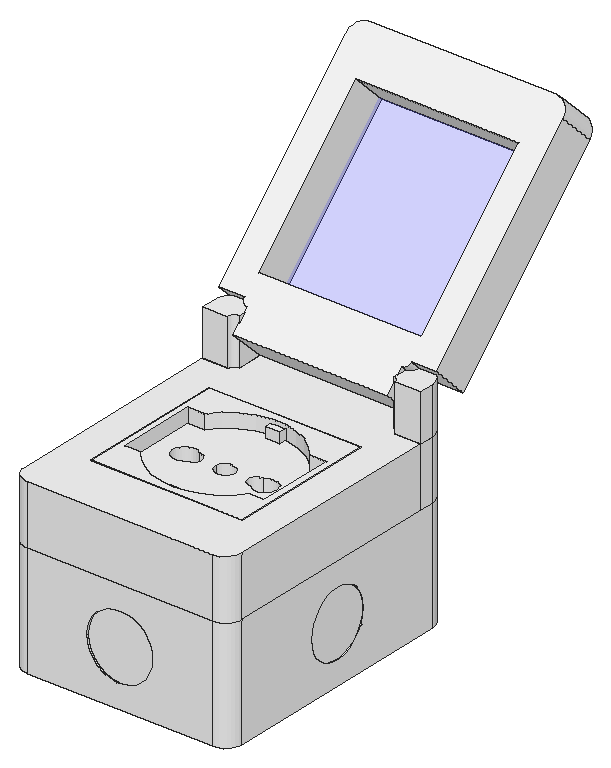
Revit family "Domotics-SerieCivili-GEWISS-27COMBI_SYSTEM-IP55_PRESA_ITA_GER", category Apparecchi elettrici, host Superficie, Revit 2016
Family settings
  Host = Superficie
  Mantenere orientamento annotazione = Sì
  Tipo di parte = Normale
  Quota connettore circolare = Usa diametro
  Numero OmniClass = 23.80.50.14
  Titolo OmniClass = Plug Connectors
  Taglio con vuoti quando caricato = Sì
  Condiviso = Sì
  Punto di calcolo locali = No
Parameters (values of type "GW27842 - Con presa std italiano/tedesco")
  Viti coperchio = "Acciaio inox"
  Versione file RFA = "19.4"
  VISTA DI PIANTA [instance] = yes
  URL = "https://www.gewiss.com/it/it"
  Tipo sfondabili = "Asportabili con utensile"
  Tipo portella = "Con membrana"
  Tipo = "Presa 2P+T - 16 A bivalente"
  Termopressione con biglia = "70 °C"
  Tensione: = "250 V ac"
  Tensione = "230 V ac"
  Temperatura di installazione = "-25 +60 °C"
  Scheda Tecnica = "https://www.gewiss.com/it/it/search?q=GW27842"
  SPORTELLO APERTO [instance] = yes
  SIMBOLO [instance] = yes
  SEO = "Contenitore"
  Produttore = "GEWISS S.p.A."
  Offset = 0 mm
  Norma di riferimento: = "IEC 60884-1"
  Norma di riferimento = "Italiano/Tedesco"
  N. fori Ã˜ 23 sfondabili: = "Laterali 3 / Sul fondo 1"
  N. fori Ã˜ 23 con passacavo = "1"
  Modello = "GW27842"
  IFC.TypeObject = ""
  IFC.ExportType = ""
  IFC.ExportAs = ""
  IDT = "3b018f5d-86a1-401d-8f1c-9e058016ca43"
  IDF = "6754c111-b163-426d-b5cf-55e8a7b229d0"
  Grado di protezione = "IP55"
  Glow Wire Test = "650°C"
  GW - Testo elettrico = "10/16"
  Default Elevation = 1219.2 mm
  Immagine tipo = GW27842.jpg
  Distanza orizzontale del simbolo [instance] = 280.245 mm
  Distanza dal muro [instance] = 0 mm
  Dim. esterne BxHxP (mm) = "66x82x65"
  Descrizione: = "Presa 2P+T - 16 A bivalente"
  Descrizione = "PRESA STD ITA./TED.2P+T 16A BIV.STAGNA"
  Creato da GEWISS S.p.A. = ""
  Cornice simbolo [instance] = yes
  Coppia serraggio viti = "0,8NM"
  Colore portella = "Trasparente"
  Colore = "Grigio RAL 7035"
  Codice Electrocod = "0131"
  Codice EAN = "8011564095472"
  Classe isolamento = "II"
  Catalogo Serie = "27COMBI"
  Catalogo = "DOMOTICS"
  Caratteristiche = "Standard Italiano/Tedesco"
  COBie.Tagnumber = ""
  COBie.CreatedOn = ""
  COBie.CreatebBy = ""
  COBie.ComponentRegisterItemID = ""
  COBie.Component.TagNumber = ""
  COBie.Component.Space = ""
  COBie.Component.SerialNumber = ""
  COBie.Component.InstallationDate = ""
  COBie.Component.Description = ""
  COBie.Component.BarCode = ""
Reference planes
  plane 1 "Centro (Fronte/Retro)": y = 0
  plane 2: z = 0
  plane 3 "Centro (Sinistra/Destra)": x = 0
  plane 4: z = 0
  plane 5: y = 41
  plane 6: y = -41
  plane 7: x = -33
  plane 8: x = 33
  plane 9: z = 60
  plane 10: x = -280.245
Lines and regions (mm)
  Masking region 1, visible <- "VISTA DI PIANTA"
    outline origin (0, 0, 0) x (1, 0, 0) y (0, 0, 1)
      loop
        line (-33, 60) -> (-33, 0) -> (33, 0) -> (33, 60) -> (-33, 60)
  Masking region 2, visible <- "VISTA DI PIANTA", detail levels medium+fine
    outline origin (0, 0, 0) x (1, 0, 0) y (0, 0, 1)
      loop
        circle (0, 17) r 10
  Masking region 3
    outline origin (0, 0, 0) x (0, 1, 0) y (0, 0, 1)
      loop
        line (-41, 0) -> (41, 0) -> (41, 60) -> (-41, 60) -> (-41, 0)
  Masking region 4, detail levels medium+fine
    outline origin (0, 0, 0) x (0, 1, 0) y (0, 0, 1)
      loop
        circle (0, 17) r 11.5
  Masking region 5
    outline origin (0, 0, 0) x (1, 0, 0) y (0, 1, 0)
      loop
        line (-20.961, 10.913) -> (-20.961, -12.913) -> (-16.493, -12.913)
        arc (-16.493, -12.913) -> (0, -21.345) -> (16.493, -12.913) r 20.345
        line (16.493, -12.913) -> (20.961, -12.913) -> (20.961, 10.913) -> (16.013, 10.913)
        arc (16.013, 10.913) -> (0, 18.959) -> (-16.013, 10.913) r 19.959
        line (-16.013, 10.913) -> (-20.961, 10.913)
      loop
        line (-23, 21.5) -> (-23, -23.5) -> (23, -23.5) -> (23, 21.5) -> (-23, 21.5)
  Masking region 6
    outline origin (0, 0, 0) x (1, 0, 0) y (0, 1, 0)
      loop
        line (-2.211, 18.836) -> (-2.211, 16.826) -> (2.211, 16.826) -> (2.211, 18.836)
        arc (2.211, 18.836) -> (0, 18.959) -> (-2.211, 18.836) r 19.959
      loop
        arc (-2.211, -21.223) -> (0, -21.345) -> (2.211, -21.223) r 19.959
        line (2.211, -21.223) -> (2.211, -19.213) -> (-2.211, -19.213) -> (-2.211, -21.223)
  Masking region 7
    outline origin (0, 0, 0) x (1, 0, 0) y (0, 1, 0)
      loop
        arc (-9.805, 1.27) -> (-15.774, -1.395) -> (-9.662, -3.712) r 3.536
        arc (-9.662, -3.712) -> (-7.04, -1.143) -> (-9.805, 1.27) r 2.5
      loop
        circle (0.006, -1.137) r 2.942
      loop
        arc (9.662, -3.712) -> (15.774, -1.395) -> (9.805, 1.27) r 3.536
        arc (9.805, 1.27) -> (7.04, -1.143) -> (9.662, -3.712) r 2.5
      loop
        line (-16.013, 10.913) -> (-20.961, 10.913) -> (-20.961, -12.913) -> (-16.493, -12.913)
        arc (-16.493, -12.913) -> (-10.234, -18.584) -> (-2.211, -21.225) r 20.345
        line (-2.211, -21.225) -> (-2.211, -19.213) -> (2.211, -19.213) -> (2.211, -21.225)
        arc (2.211, -21.225) -> (10.234, -18.584) -> (16.493, -12.913) r 20.345
        line (16.493, -12.913) -> (20.961, -12.913) -> (20.961, 10.913) -> (16.013, 10.913)
        arc (16.013, 10.913) -> (9.936, 16.31) -> (2.211, 18.836) r 19.959
        line (2.211, 18.836) -> (2.211, 16.826) -> (-2.211, 16.826) -> (-2.211, 18.836)
        arc (-2.211, 18.836) -> (-9.936, 16.31) -> (-16.013, 10.913) r 19.959
  model lines, detail levels coarse
    curve 1: line (-23, 21.5, 60) -> (-23, -23.5, 60)
    curve 2: line (-23, -23.5, 60) -> (23, -23.5, 60)
    curve 3: line (23, -23.5, 60) -> (23, 21.5, 60)
    curve 4: line (23, 21.5, 60) -> (-23, 21.5, 60)
    curve 5: arc (16.493, -12.913, 60) -> (0, -21.345, 60) -> (-16.493, -12.913, 60) r 20.345
    curve 6: line (-16.493, -12.913, 60) -> (-20.961, -12.913, 60)
    curve 7: line (-20.961, -12.913, 60) -> (-20.961, 10.913, 60)
    curve 8: line (-20.961, 10.913, 60) -> (-16.013, 10.913, 60)
    curve 9: arc (-16.013, 10.913, 60) -> (0, 18.959, 60) -> (16.013, 10.913, 60) r 19.959
    curve 10: line (16.013, 10.913, 60) -> (20.961, 10.913, 60)
    curve 11: line (20.961, 10.913, 60) -> (20.961, -12.913, 60)
    curve 12: line (20.961, -12.913, 60) -> (16.493, -12.913, 60)
    curve 13: arc (-9.662, -3.712, 60) -> (-15.774, -1.395, 60) -> (-9.805, 1.27, 60) r 3.536
    curve 14: arc (-9.805, 1.27, 60) -> (-7.04, -1.143, 60) -> (-9.662, -3.712, 60) r 2.5
    curve 15: arc (2.948, -1.137, 60) -> (0.006, -4.079, 60) -> (-2.935, -1.137, 60) r 2.942
    curve 16: arc (-2.935, -1.137, 60) -> (0.006, 1.805, 60) -> (2.948, -1.137, 60) r 2.942
    curve 17: arc (9.805, 1.27, 60) -> (15.774, -1.395, 60) -> (9.662, -3.712, 60) r 3.536
    curve 18: arc (9.662, -3.712, 60) -> (7.04, -1.143, 60) -> (9.805, 1.27, 60) r 2.5
    curve 19: arc (2.211, 18.836, 60) -> (0, 18.959, 60) -> (-2.211, 18.836, 60) r 19.959
    curve 20: line (-2.211, 18.836, 60) -> (-2.211, 16.826, 60)
    curve 21: line (-2.211, 16.826, 60) -> (2.211, 16.826, 60)
    curve 22: line (2.211, 16.826, 60) -> (2.211, 18.836, 60)
    curve 23: line (2.211, -19.215, 60) -> (-2.211, -19.215, 60)
    curve 24: line (-2.211, -19.215, 60) -> (-2.211, -21.225, 60)
    curve 25: arc (-2.211, -21.225, 60) -> (0, -21.345, 60) -> (2.211, -21.225, 60) r 20.345
    curve 26: line (2.211, -21.225, 60) -> (2.211, -19.215, 60)
  model lines, not visible, detail levels coarse
    curve 27: line (-23, 21.5, 60) -> (-23, -23.5, 60)
    curve 28: line (-23, -23.5, 60) -> (23, -23.5, 60)
    curve 29: line (23, -23.5, 60) -> (23, 21.5, 60)
    curve 30: line (23, 21.5, 60) -> (-23, 21.5, 60)
    curve 31: arc (16.493, -12.913, 60) -> (0, -21.345, 60) -> (-16.493, -12.913, 60) r 20.345
    curve 32: line (-16.493, -12.913, 60) -> (-20.961, -12.913, 60)
    curve 33: line (-20.961, -12.913, 60) -> (-20.961, 10.913, 60)
    curve 34: line (-20.961, 10.913, 60) -> (-16.013, 10.913, 60)
    curve 35: arc (-16.013, 10.913, 60) -> (0, 18.959, 60) -> (16.013, 10.913, 60) r 19.959
    curve 36: line (16.013, 10.913, 60) -> (20.961, 10.913, 60)
    curve 37: line (20.961, 10.913, 60) -> (20.961, -12.913, 60)
    curve 38: line (20.961, -12.913, 60) -> (16.493, -12.913, 60)
    curve 39: arc (-9.662, -3.712, 60) -> (-15.774, -1.395, 60) -> (-9.805, 1.27, 60) r 3.536
    curve 40: arc (-9.805, 1.27, 60) -> (-7.04, -1.143, 60) -> (-9.662, -3.712, 60) r 2.5
    curve 41: arc (2.948, -1.137, 60) -> (0.006, -4.079, 60) -> (-2.935, -1.137, 60) r 2.942
    curve 42: arc (-2.935, -1.137, 60) -> (0.006, 1.805, 60) -> (2.948, -1.137, 60) r 2.942
    curve 43: arc (9.805, 1.27, 60) -> (15.774, -1.395, 60) -> (9.662, -3.712, 60) r 3.536
    curve 44: arc (9.662, -3.712, 60) -> (7.04, -1.143, 60) -> (9.805, 1.27, 60) r 2.5
    curve 45: arc (2.211, 18.836, 60) -> (0, 18.959, 60) -> (-2.211, 18.836, 60) r 19.959
    curve 46: line (-2.211, 18.836, 60) -> (-2.211, 16.826, 60)
    curve 47: line (-2.211, 16.826, 60) -> (2.211, 16.826, 60)
    curve 48: line (2.211, 16.826, 60) -> (2.211, 18.836, 60)
    curve 49: line (2.211, -19.215, 60) -> (-2.211, -19.215, 60)
    curve 50: line (-2.211, -19.215, 60) -> (-2.211, -21.225, 60)
    curve 51: arc (-2.211, -21.225, 60) -> (0, -21.345, 60) -> (2.211, -21.225, 60) r 20.345
    curve 52: line (2.211, -21.225, 60) -> (2.211, -19.215, 60)
Dimensions and locks
  "Offset": plane 4 to host face
  locked: plane 7 to plane 8 at 66
  locked: plane 5 to plane 6 at 82
  locked: plane 9 to plane 4 at 60
  "Distanza orizzontale del simbolo": plane 10 to plane 3 "Centro (Sinistra/Destra)"
  aligned and locked: plane 2 to host face
  aligned and locked: level to host face
  aligned and locked: plane 3 "Centro (Sinistra/Destra)" to nested 1
  aligned and locked: plane 1 "Centro (Fronte/Retro)" to nested 1
  aligned and locked: nested 1 to plane 4
  aligned and locked: plane 7 to nested 1
  aligned and locked: plane 8 to nested 1
  aligned and locked: plane 6 to nested 1
  aligned and locked: plane 5 to nested 1
  aligned and locked: Masking region 1 sketch curve to plane 9
  aligned and locked: plane 8 to Masking region 1 sketch curve
  aligned and locked: Masking region 1 sketch curve to plane 7
  aligned and locked: plane 4 to Masking region 1 sketch curve
  aligned and locked: Masking region 3 sketch curve to plane 4
  aligned and locked: plane 9 to Masking region 3 sketch curve
  aligned and locked: plane 5 to Masking region 3 sketch curve
  aligned and locked: Masking region 3 sketch curve to plane 6
  aligned and locked: nested 1 to nested 2
  aligned and locked: nested 2 to nested 1  (x2)
  aligned and locked: plane 10 to nested 3
Automatic sketch dimensions
  host sketch curve to host sketch curve = 2438.4 mm  (x2)
  Masking region 2 sketch curve to plane 3 "Centro (Sinistra/Destra)" = 0 mm
  level to Masking region 2 sketch curve = 17 mm
  Masking region 4 sketch curve to plane 1 "Centro (Fronte/Retro)" = 0 mm
  level to Masking region 4 sketch curve = 17 mm
  curve 5 to curve 9 = 0 mm  (x4)
  curve 5 to curve 19 = 0 mm  (x4)
  curve 5 to curve 25 = 0 mm  (x4)
  curve 14 to curve 9 = 9.539 mm
  curve 5 to curve 16 = 0.006 mm
  curve 15 to curve 18 = 9.533 mm
  curve 13 to curve 17 = 0 mm
  curve 13 to curve 14 = 0.078 mm
  curve 17 to curve 18 = 0.078 mm
  curve 18 to curve 16 = 0.079 mm
  curve 15 to curve 5 = 0.137 mm
  curve 8 to curve 13 = 3.774 mm
  curve 6 to curve 13 = 4.253 mm
  curve 8 to curve 8 = 4.947 mm
  curve 1 to curve 7 = 2.039 mm
  curve 14 to curve 14 = 0.266 mm
  curve 14 to curve 14 = 0.122 mm
  curve 16 to curve 5 = 2.935 mm
  curve 19 to curve 20 = 0 mm  (x2)
  curve 19 to curve 22 = 4.421 mm
  curve 23 to curve 23 = 4.421 mm
  curve 26 to curve 25 = 0 mm  (x2)
  curve 18 to curve 17 = 0.122 mm
  curve 18 to curve 17 = 0.266 mm
  curve 17 to curve 10 = 6.208 mm
  curve 18 to curve 12 = 6.831 mm
  curve 12 to curve 12 = 4.468 mm
  curve 11 to curve 3 = 2.039 mm
  curve 14 to curve 14 = 2.497 mm
  curve 18 to curve 18 = 2.497 mm
  curve 6 to curve 13 = 9.201 mm
  curve 23 to curve 5 = 6.302 mm
  curve 24 to curve 23 = 2.01 mm
  curve 25 to curve 24 = 0 mm
  curve 3 to curve 11 = 10.587 mm
  curve 10 to curve 22 = 5.913 mm
  curve 21 to curve 22 = 2.01 mm
  curve 20 to curve 20 = 2.01 mm
  curve 10 to curve 4 = 10.587 mm
  curve 9 to curve 19 = 0 mm  (x2)
  curve 9 to curve 25 = 0 mm  (x2)
  curve 15 to curve 16 = 0 mm  (x2)
  curve 19 to curve 25 = 0 mm  (x2)
  curve 31 to curve 35 = 0 mm  (x4)
  curve 31 to curve 45 = 0 mm  (x4)
  curve 31 to curve 51 = 0 mm  (x4)
  curve 40 to curve 35 = 9.539 mm
  curve 31 to curve 42 = 0.006 mm
  curve 41 to curve 44 = 9.533 mm
  curve 39 to curve 43 = 0 mm
  curve 39 to curve 40 = 0.078 mm
  curve 43 to curve 44 = 0.078 mm
  curve 44 to curve 42 = 0.079 mm
  curve 41 to curve 31 = 0.137 mm
  curve 34 to curve 39 = 3.774 mm
  curve 32 to curve 39 = 4.253 mm
  curve 34 to curve 34 = 4.947 mm
  curve 27 to curve 33 = 2.039 mm
  curve 40 to curve 40 = 0.266 mm
  curve 40 to curve 40 = 0.122 mm
  curve 42 to curve 31 = 2.935 mm
  curve 45 to curve 46 = 0 mm  (x2)
  curve 45 to curve 48 = 4.421 mm
  curve 49 to curve 49 = 4.421 mm
  curve 52 to curve 51 = 0 mm  (x2)
  curve 44 to curve 43 = 0.122 mm
  curve 44 to curve 43 = 0.266 mm
  curve 43 to curve 36 = 6.208 mm
  curve 44 to curve 38 = 6.831 mm
  curve 38 to curve 38 = 4.468 mm
  curve 37 to curve 29 = 2.039 mm
  curve 40 to curve 40 = 2.497 mm
  curve 44 to curve 44 = 2.497 mm
  curve 32 to curve 39 = 9.201 mm
  curve 49 to curve 31 = 6.302 mm
  curve 50 to curve 49 = 2.01 mm
  curve 51 to curve 50 = 0 mm
  curve 29 to curve 37 = 10.587 mm
  curve 36 to curve 48 = 5.913 mm
  curve 47 to curve 48 = 2.01 mm
  curve 46 to curve 46 = 2.01 mm
  curve 36 to curve 30 = 10.587 mm
  curve 35 to curve 45 = 0 mm  (x2)
  curve 35 to curve 51 = 0 mm  (x2)
  curve 41 to curve 42 = 0 mm  (x2)
  curve 45 to curve 51 = 0 mm  (x2)
  Masking region 5 sketch curve to Masking region 5 sketch curve = 0 mm  (x2)
  Masking region 5 sketch curve to plane 3 "Centro (Sinistra/Destra)" = 0 mm
  Masking region 5 sketch curve to plane 3 "Centro (Sinistra/Destra)" = 16.013 mm
  Masking region 5 sketch curve to plane 3 "Centro (Sinistra/Destra)" = 16.493 mm
  Masking region 5 sketch curve to Masking region 5 sketch curve = 4.947 mm  (x2)
  Masking region 5 sketch curve to plane 1 "Centro (Fronte/Retro)" = 10.913 mm
  plane 3 "Centro (Sinistra/Destra)" to Masking region 5 sketch curve = 16.013 mm
  plane 1 "Centro (Fronte/Retro)" to Masking region 5 sketch curve = 12.913 mm
  plane 3 "Centro (Sinistra/Destra)" to Masking region 5 sketch curve = 16.493 mm
  plane 1 "Centro (Fronte/Retro)" to Masking region 5 sketch curve = 1 mm
  Masking region 5 sketch curve to plane 7 = 10 mm
  plane 8 to Masking region 5 sketch curve = 10 mm
  Masking region 5 sketch curve to Masking region 5 sketch curve = 10.587 mm  (x2)
  Masking region 6 sketch curve to plane 3 "Centro (Sinistra/Destra)" = 0 mm  (x2)
  Masking region 6 sketch curve to plane 3 "Centro (Sinistra/Destra)" = 2.211 mm  (x2)
  plane 3 "Centro (Sinistra/Destra)" to Masking region 6 sketch curve = 2.211 mm  (x2)
  plane 1 "Centro (Fronte/Retro)" to Masking region 6 sketch curve = 21.223 mm
  Masking region 6 sketch curve to Masking region 6 sketch curve = 2.01 mm  (x2)
  plane 1 "Centro (Fronte/Retro)" to Masking region 6 sketch curve = 1 mm
  plane 1 "Centro (Fronte/Retro)" to Masking region 6 sketch curve = 1.387 mm
  Masking region 6 sketch curve to Masking region 6 sketch curve = 18.213 mm
  Masking region 7 sketch curve to Masking region 7 sketch curve = 0 mm  (x6)
  Masking region 7 sketch curve to plane 3 "Centro (Sinistra/Destra)" = 0 mm
  Masking region 7 sketch curve to plane 3 "Centro (Sinistra/Destra)" = 2.211 mm  (x2)
  plane 1 "Centro (Fronte/Retro)" to Masking region 7 sketch curve = 1.215 mm  (x2)
  Masking region 7 sketch curve to Masking region 7 sketch curve = 2.701 mm  (x2)
  Masking region 7 sketch curve to Masking region 7 sketch curve = 3.774 mm  (x2)
  Masking region 7 sketch curve to Masking region 7 sketch curve = 4.253 mm  (x2)
  Masking region 7 sketch curve to Masking region 7 sketch curve = 4.468 mm
  plane 3 "Centro (Sinistra/Destra)" to Masking region 7 sketch curve = 0.006 mm
  plane 3 "Centro (Sinistra/Destra)" to Masking region 7 sketch curve = 2.211 mm  (x2)
  Masking region 7 sketch curve to Masking region 7 sketch curve = 4.947 mm
  plane 1 "Centro (Fronte/Retro)" to Masking region 7 sketch curve = 1.293 mm  (x2)
  Masking region 7 sketch curve to Masking region 7 sketch curve = 6.3 mm
  Masking region 7 sketch curve to Masking region 7 sketch curve = 2.012 mm  (x2)
  Masking region 7 sketch curve to Masking region 7 sketch curve = 0.137 mm
  Masking region 7 sketch curve to plane 1 "Centro (Fronte/Retro)" = 10.913 mm  (x2)
  Masking region 7 sketch curve to Masking region 7 sketch curve = 2.01 mm
  Masking region 7 sketch curve to plane 3 "Centro (Sinistra/Destra)" = 2.935 mm
  Masking region 7 sketch curve to Masking region 7 sketch curve = 0.122 mm  (x2)
  Masking region 7 sketch curve to plane 1 "Centro (Fronte/Retro)" = 1.27 mm  (x2)
  plane 1 "Centro (Fronte/Retro)" to Masking region 7 sketch curve = 1.137 mm
  Masking region 7 sketch curve to Masking region 7 sketch curve = 9.201 mm
  Masking region 7 sketch curve to Masking region 7 sketch curve = 6.604 mm
  radius of Masking region 2 sketch curve = 10 mm
  radius of Masking region 4 sketch curve = 11.5 mm
Nested families
  nested 1: "SYSTEM CONTENITORI IP55 COMPL PRESE ITAGER_BASE" at (0, 0, 0), Sportello aperto <- "SPORTELLO APERTO", type "GW27842"
    with Sportello chiuso no, Sportello aperto yes
  nested 2: "SYSTEM PRESE ITAGER P17-30 16A_BASE" at (0, -1, 15.3), type "GW20246 - PRESA 2P+T 16A BIV.ST.ITALIANO/TED.SY/WT"
  nested 3: "SIMBOLO PRESE" at (-280.245, 272.523, 0), Distanza dal muro <- "Distanza dal muro", BORDO ACCESO <- "Cornice simbolo", TESTO ELETTRICO <- "GW - Testo elettrico", SIMBOLO <- "SIMBOLO", type "PRESA"
    with TESTO ELETTRICO "10/16", SIMBOLO yes, Distanza dal muro 0 mm, BORDO ACCESO yes
Connectors
  cabletrayconduit at (33, 0, 17), diameter 20
    settings: on nested 1, index 1, connector width 300 mm, connector height 300 mm, connector angle 0.00°, system type 32, placement type 0, profile type 0, connector reference index -1, is primary connector yes, connector utility param no, connector description ""
  cabletrayconduit at (0, -40.592, 17), diameter 20
    settings: on nested 1, index 2, connector width 300 mm, connector height 300 mm, connector angle 0.00°, system type 32, placement type 0, profile type 0, connector reference index -1, is primary connector no, connector utility param no, connector description ""
  cabletrayconduit at (-32.526, 0, 17), diameter 20
    settings: on nested 1, index 3, connector width 300 mm, connector height 300 mm, connector angle 0.00°, system type 32, placement type 0, profile type 0, connector reference index -1, is primary connector no, connector utility param no, connector description ""
  cabletrayconduit at (0, 40.592, 17), diameter 20
    settings: on nested 1, index 4, connector width 300 mm, connector height 300 mm, connector angle 0.00°, system type 32, placement type 0, profile type 0, connector reference index -1, is primary connector no, connector utility param no, connector description ""
Definition of nested family "SYSTEM CONTENITORI IP55 COMPL PRESE ITAGER_BASE"
  Parameters (values of type "GW27842")
    VETRO = none
    Sportello chiuso [instance] = not(Sportello aperto)  # no
    Sportello aperto [instance] = yes
    Profondità scatola = 34 mm
    Offset bidimensionale = 60 mm
    Larghezza scatola = 66 mm
    SCATOLA = none
    Larghezza foro = 46 mm
    Default Elevation = 1219.2 mm
    Altezza scatola = 82 mm
    Altezza foro = 45 mm
  Reference planes
    plane 1 "Centro (Fronte/Retro)": y = 0
    plane 2: z = 0
    plane 3 "Centro (Sinistra/Destra)": x = 0
    plane 4: x = -33
    plane 5: x = 33
    plane 6 "1": y = 41
    plane 7: y = -41
    plane 8 "PIANO 1": z = 66
    plane 9: z = 34
    plane 10: z = 2
    plane 11: z = 52
    plane 12: x = -23
    plane 13: x = 23
    plane 14: y = 21.5
    plane 15: y = -23.5
    plane 16: z = 17
    plane 17 "PIANO BIDIMENSINOALE": z = 60
  Forms (mm)
    Extrusion 1, solid, material <- "SCATOLA", detail levels medium+fine
      sketch origin (0, 0, 66) x (0, -1, 0) y (1, 0, 0)
        loop
          arc (-41, -28) -> (-39.536, -31.536) -> (-36, -33) r 5
          line (-36, -33) -> (36, -33)
          arc (36, -33) -> (39.536, -31.536) -> (41, -28) r 5
          line (41, -28) -> (41, 28)
          arc (41, 28) -> (39.536, 31.536) -> (36, 33) r 5
          line (36, 33) -> (-36, 33)
          arc (-36, 33) -> (-39.536, 31.536) -> (-41, 28) r 5
          line (-41, 28) -> (-41, -28)
      from -66 to -32
    Extrusion 2, void, detail levels medium+fine
      sketch origin (0, 0, 66) x (0, -1, 0) y (1, 0, 0)
        loop
          line (-40, 28) -> (-40, -28)
          arc (-40, -28) -> (-38.828, -30.828) -> (-36, -32) r 4
          line (-36, -32) -> (36, -32)
          arc (36, -32) -> (38.828, -30.828) -> (40, -28) r 4
          line (40, -28) -> (40, 28)
          arc (40, 28) -> (38.828, 30.828) -> (36, 32) r 4
          line (36, 32) -> (-36, 32)
          arc (-36, 32) -> (-38.828, 30.828) -> (-40, 28) r 4
      from -64 to -32
    Extrusion 3, solid, material <- "SCATOLA", visible <- "Sportello chiuso", detail levels medium+fine
      sketch origin (0, 0, 66) x (0, -1, 0) y (1, 0, 0)
        loop
          line (-41, -23.414) -> (-33.415, -23.414)
          arc (-33.415, -23.414) -> (-32.861, -24.751) -> (-31.525, -25.304) r 1.89
          line (-31.525, -25.304) -> (-31.525, -33) -> (36, -33)
          arc (36, -33) -> (39.536, -31.536) -> (41, -28) r 5
          line (41, -28) -> (41, 28)
          arc (41, 28) -> (39.536, 31.536) -> (36, 33) r 5
          line (36, 33) -> (-31.525, 33) -> (-31.525, 25.304)
          arc (-31.525, 25.304) -> (-32.861, 24.751) -> (-33.415, 23.414) r 1.89
          line (-33.415, 23.414) -> (-41, 23.414) -> (-41, -23.414)
        loop
          line (26.857, 24.717) -> (-24.857, 24.717) -> (-24.857, -24.717) -> (26.857, -24.717) -> (26.857, 24.717)
      from -14 to 0
    Extrusion 4, solid, material <- "SCATOLA", detail levels medium+fine
      sketch origin (0, 0, 66) x (0, -1, 0) y (1, 0, 0)
        loop
          line (-41, -23.414) -> (-33.415, -23.414)
          arc (-33.415, -23.414) -> (-32.861, -24.751) -> (-31.525, -25.304) r 1.89
          line (-31.525, -25.304) -> (-31.525, -33) -> (36, -33)
          arc (36, -33) -> (39.536, -31.536) -> (41, -28) r 5
          line (41, -28) -> (41, 28)
          arc (41, 28) -> (39.536, 31.536) -> (36, 33) r 5
          line (36, 33) -> (-31.525, 33) -> (-31.525, 25.304)
          arc (-31.525, 25.304) -> (-32.861, 24.751) -> (-33.415, 23.414) r 1.89
          line (-33.415, 23.414) -> (-41, 23.414) -> (-41, -23.414)
        loop
          line (23.5, 23) -> (-21.5, 23) -> (-21.5, -23) -> (23.5, -23) -> (23.5, 23)
      from -32 to -14
    Extrusion 5, solid, material <- "SCATOLA", detail levels medium+fine
      sketch origin (0, 0, 66) x (0, -1, 0) y (1, 0, 0)
        loop
          arc (-41, -28) -> (-39.536, -31.536) -> (-36, -33) r 5
          line (-36, -33) -> (-31.525, -33) -> (-31.525, -25.304)
          arc (-31.525, -25.304) -> (-32.861, -24.751) -> (-33.415, -23.414) r 1.89
          line (-33.415, -23.414) -> (-41, -23.414) -> (-41, -28)
      from -14 to 0
    Extrusion 6, solid, material <- "SCATOLA", detail levels medium+fine
      sketch origin (0, 0, 66) x (0, -1, 0) y (1, 0, 0)
        loop
          line (-41, 28) -> (-41, 23.414) -> (-33.415, 23.414)
          arc (-33.415, 23.414) -> (-32.861, 24.751) -> (-31.525, 25.304) r 1.89
          line (-31.525, 25.304) -> (-31.525, 33) -> (-36, 33)
          arc (-36, 33) -> (-39.536, 31.536) -> (-41, 28) r 5
      from -14 to 0
    Extrusion 7, solid, material <- "VETRO", visible <- "Sportello chiuso", detail levels medium+fine
      sketch origin (0, 0, 66) x (0, -1, 0) y (1, 0, 0)
        loop
          line (-24.857, -24.717) -> (26.857, -24.717) -> (26.857, 24.717) -> (-24.857, 24.717) -> (-24.857, -24.717)
      from -1.5 to 0
    Extrusion 8, solid, material <- "SCATOLA", visible <- "Sportello aperto", detail levels medium+fine
      sketch origin (0, 69.991, 80.991) x (0, 0.707107, 0.707107) y (1, 0, 0)
        loop
          line (-41, -23.414) -> (-33.415, -23.414)
          arc (-33.415, -23.414) -> (-32.861, -24.751) -> (-31.525, -25.304) r 1.89
          line (-31.525, -25.304) -> (-31.525, -33) -> (36, -33)
          arc (36, -33) -> (39.536, -31.536) -> (41, -28) r 5
          line (41, -28) -> (41, 28)
          arc (41, 28) -> (39.536, 31.536) -> (36, 33) r 5
          line (36, 33) -> (-31.525, 33) -> (-31.525, 25.304)
          arc (-31.525, 25.304) -> (-32.861, 24.751) -> (-33.415, 23.414) r 1.89
          line (-33.415, 23.414) -> (-41, 23.414) -> (-41, -23.414)
        loop
          line (26.857, 24.717) -> (-24.857, 24.717) -> (-24.857, -24.717) -> (26.857, -24.717) -> (26.857, 24.717)
      from -14 to 0
    Extrusion 9, solid, material <- "VETRO", visible <- "Sportello aperto", detail levels medium+fine
      sketch origin (0, 69.991, 80.991) x (0, 0.707107, 0.707107) y (1, 0, 0)
        loop
          line (-24.857, -24.717) -> (26.857, -24.717) -> (26.857, 24.717) -> (-24.857, 24.717) -> (-24.857, -24.717)
      from -1.5 to 0
    Extrusion 10, solid, material <- "SCATOLA", visible <- "Sportello aperto", not visible
      sketch origin (210, 0, -63.711) x (0, -1, 0) y (1, 0, 0)
        loop
          line (-41, -56.414) -> (-33.415, -56.414)
          arc (-33.415, -56.414) -> (-32.861, -57.751) -> (-31.525, -58.304) r 1.89
          line (-31.525, -58.304) -> (-31.525, -66) -> (36, -66)
          arc (36, -66) -> (39.536, -64.536) -> (41, -61) r 5
          line (41, -61) -> (41, 61)
          arc (41, 61) -> (39.536, 64.536) -> (36, 66) r 5
          line (36, 66) -> (-31.525, 66) -> (-31.525, 58.304)
          arc (-31.525, 58.304) -> (-32.861, 57.751) -> (-33.415, 56.414) r 1.89
          line (-33.415, 56.414) -> (-41, 56.414) -> (-41, -56.414)
        loop
          line (26.857, 57.717) -> (-24.857, 57.717) -> (-24.857, -57.717) -> (26.857, -57.717) -> (26.857, 57.717)
      from -14 to 0
    Extrusion 11, solid, material <- "VETRO", visible <- "Sportello aperto", not visible
      sketch origin (210, 0, -63.711) x (0, -1, 0) y (1, 0, 0)
        loop
          line (-24.857, -57.717) -> (26.857, -57.717) -> (26.857, 57.717) -> (-24.857, 57.717) -> (-24.857, -57.717)
      from -1.5 to 0
    Extrusion 12, solid, material <- "SCATOLA", detail levels fine
      sketch origin (0, 0, 0) x (1, 0, 0) y (0, 0, 1)
        loop
          circle (0, 17) r 16
      from -43 to -41
    Extrusion 13, solid, material <- "SCATOLA", detail levels fine
      sketch origin (0, 41, 0) x (-1, 0, 0) y (0, 0, 1)
        loop
          circle (0, 17) r 13
      from 5 to 3
    Extrusion 14, solid, material <- "SCATOLA", detail levels fine
      sketch origin (0, 41, 0) x (-1, 0, 0) y (0, 0, 1)
        loop
          circle (0, 17) r 10
      from 8 to 6
    Extrusion 15, solid, material <- "SCATOLA", detail levels fine
      sketch origin (0, 41, 0) x (-1, 0, 0) y (0, 0, 1)
        loop
          circle (0, 17) r 3
      from 2 to 6
    Extrusion 16, solid, material <- "SCATOLA", detail levels medium+fine
      sketch origin (0, 0, 0) x (1, 0, 0) y (0, 1, 0)
        loop
          line (-23.414, 33.415) -> (-23.414, 41) -> (-28, 41)
          arc (-28, 41) -> (-31.536, 39.536) -> (-33, 36) r 5
          line (-33, 36) -> (-33, 31.525) -> (-25.304, 31.525)
          arc (-25.304, 31.525) -> (-24.751, 32.861) -> (-23.414, 33.415) r 1.89
        loop
          arc (23.414, 33.415) -> (24.751, 32.861) -> (25.304, 31.525) r 1.89
          line (25.304, 31.525) -> (33, 31.525) -> (33, 36)
          arc (33, 36) -> (31.536, 39.536) -> (28, 41) r 5
          line (28, 41) -> (23.414, 41) -> (23.414, 33.415)
      from 34 to 52
    Extrusion 17, void, detail levels medium+fine
      sketch origin (0, 0, 0) x (0, 1, 0) y (0, 0, 1)
        loop
          circle (0, 17) r 10
      from 32.526 to 33
    Extrusion 18, void, detail levels medium+fine
      sketch origin (0, 0, 0) x (1, 0, 0) y (0, 0, 1)
        loop
          circle (0, 17) r 10
      from 40.592 to 41
    Extrusion 19, void, detail levels medium+fine
      sketch origin (0, 0, 0) x (0, 1, 0) y (0, 0, -1)
        loop
          circle (0, -17) r 11.5
      from 32.526 to 33
    Extrusion 20, void, detail levels medium+fine
      sketch origin (0, 0, 0) x (1, 0, 0) y (0, 0, -1)
        loop
          circle (0, -17) r 10
      from 40.592 to 41
    Extrusion 21, solid, material <- "SCATOLA", detail levels coarse
      sketch origin (0, 0, 66) x (0, -1, 0) y (1, 0, 0)
        loop
          arc (36, -33) -> (39.536, -31.536) -> (41, -28) r 5
          line (41, -28) -> (41, 28)
          arc (41, 28) -> (39.536, 31.536) -> (36, 33) r 5
          line (36, 33) -> (-31.525, 33) -> (-36, 33)
          arc (-36, 33) -> (-39.536, 31.536) -> (-41, 28) r 5
          line (-41, 28) -> (-41, -28)
          arc (-41, -28) -> (-39.536, -31.536) -> (-36, -33) r 5
          line (-36, -33) -> (36, -33)
      from -66 to -6
  Cuts and joins
    Extrusion 2, Extrusion 17, Extrusion 18, Extrusion 19, Extrusion 20 cuts Extrusion 1
  Lines and regions (mm)
    Masking region 1
      outline origin (0, 0, 66) x (0, -1, 0) y (1, 0, 0)
        loop
          line (36, 33) -> (-31.525, 33) -> (-36, 33)
          arc (-36, 33) -> (-39.536, 31.536) -> (-41, 28) r 5
          line (-41, 28) -> (-41, -28)
          arc (-41, -28) -> (-39.536, -31.536) -> (-36, -33) r 5
          line (-36, -33) -> (36, -33)
          arc (36, -33) -> (39.536, -31.536) -> (41, -28) r 5
          line (41, -28) -> (41, 28)
          arc (41, 28) -> (39.536, 31.536) -> (36, 33) r 5
        loop
          line (-21.5, 23) -> (-21.5, -23) -> (23.5, -23) -> (23.5, 23) -> (-21.5, 23)
        loop
          circle (-36, -28) r 2
        loop
          circle (-36, 28) r 2
    Masking region 2
      outline origin (0, 0, 66) x (0, -1, 0) y (1, 0, 0)
        loop
          circle (-36, -28) r 2
        loop
          circle (-36, 28) r 2
        loop
          arc (-31.525, 24.717) -> (-32.446, 24.336) -> (-32.828, 23.414) r 1.303
          line (-32.828, 23.414) -> (-32.828, -23.414)
          arc (-32.828, -23.414) -> (-32.446, -24.336) -> (-31.525, -24.717) r 1.303
          line (-31.525, -24.717) -> (26.857, -24.717) -> (26.857, 24.717) -> (-31.525, 24.717)
        loop
          line (-21.5, 23) -> (-21.5, -23) -> (23.5, -23) -> (23.5, 23) -> (-21.5, 23)
        loop
          line (41, -25.996) -> (41, -23.996) -> (38.247, -23.996)
          arc (38.247, -23.996) -> (36.833, -23.41) -> (36.247, -21.996) r 2
          line (36.247, -21.996) -> (36.247, 21.996)
          arc (36.247, 21.996) -> (36.833, 23.41) -> (38.247, 23.996) r 2
          line (38.247, 23.996) -> (41, 23.996) -> (41, 25.996) -> (36.247, 25.996)
          arc (36.247, 25.996) -> (34.833, 25.41) -> (34.247, 23.996) r 2
          line (34.247, 23.996) -> (34.247, -23.996)
          arc (34.247, -23.996) -> (34.833, -25.41) -> (36.247, -25.996) r 2
          line (36.247, -25.996) -> (41, -25.996)
    Masking region 3
      outline origin (0, 0, 66) x (0, -1, 0) y (1, 0, 0)
        loop
          line (-31.525, -33) -> (-31.525, -25.304)
          arc (-31.525, -25.304) -> (-32.861, -24.751) -> (-33.415, -23.414) r 1.89
          line (-33.415, -23.414) -> (-41, -23.414) -> (-41, -28)
          arc (-41, -28) -> (-39.536, -31.536) -> (-36, -33) r 5
          line (-36, -33) -> (-31.525, -33)
        loop
          circle (-36, -28) r 2
        loop
          line (-31.525, 25.304) -> (-31.525, 33) -> (-36, 33)
          arc (-36, 33) -> (-39.536, 31.536) -> (-41, 28) r 5
          line (-41, 28) -> (-41, 23.414) -> (-33.415, 23.414)
          arc (-33.415, 23.414) -> (-32.861, 24.751) -> (-31.525, 25.304) r 1.89
        loop
          circle (-36, 28) r 2
        loop
          line (-24.857, -24.717) -> (-24.857, 24.717) -> (-31.525, 24.717)
          arc (-31.525, 24.717) -> (-32.446, 24.336) -> (-32.828, 23.414) r 1.303
          line (-32.828, 23.414) -> (-32.828, -23.414)
          arc (-32.828, -23.414) -> (-32.446, -24.336) -> (-31.525, -24.717) r 1.303
          line (-31.525, -24.717) -> (-24.857, -24.717)
    model lines, detail levels coarse
      curve 1: line (-28, 41, 60) -> (28, 41, 60)
      curve 2: arc (-28, 41, 60) -> (-31.536, 39.536, 60) -> (-33, 36, 60) r 5
      curve 3: line (-33, -36, 60) -> (-33, 36, 60)
      curve 4: arc (-28, -41, 60) -> (-31.536, -39.536, 60) -> (-33, -36, 60) r 5
      curve 5: line (28, -41, 60) -> (-28, -41, 60)
      curve 6: line (-23.996, -41, 60) -> (-23.996, -38.247, 60)
      curve 7: line (-25.996, -41, 60) -> (-25.996, -36.247, 60)
      curve 8: arc (-21.996, -36.247, 60) -> (-23.41, -36.833, 60) -> (-23.996, -38.247, 60) r 2
      curve 9: arc (-23.996, -34.247, 60) -> (-25.41, -34.833, 60) -> (-25.996, -36.247, 60) r 2
      curve 10: line (-23.996, -34.247, 60) -> (23.996, -34.247, 60)
      curve 11: line (-21.996, -36.247, 60) -> (21.996, -36.247, 60)
      curve 12: arc (23.996, -38.247, 60) -> (23.41, -36.833, 60) -> (21.996, -36.247, 60) r 2
      curve 13: line (23.996, -41, 60) -> (23.996, -38.247, 60)
      curve 14: arc (25.996, -36.247, 60) -> (25.41, -34.833, 60) -> (23.996, -34.247, 60) r 2
      curve 15: line (25.996, -41, 60) -> (25.996, -36.247, 60)
      curve 16: arc (33, -36, 60) -> (31.536, -39.536, 60) -> (28, -41, 60) r 5
      curve 17: line (33, 36, 60) -> (33, -36, 60)
      curve 18: arc (28, 41, 60) -> (31.536, 39.536, 60) -> (33, 36, 60) r 5
      curve 19: line (23.414, 41, 60) -> (23.414, 33.415, 60)
      curve 20: line (-23.414, 41, 60) -> (-23.414, 33.415, 60)
      curve 21: circle (-28, 36, 60) r 2 normal (0, 0, 1)
      curve 22: line (-29.912, 35.413, 60) -> (-26.7, 37.52, 60)
      curve 23: line (-26.172, 36.81, 60) -> (-29.472, 34.646, 60)
      curve 24: circle (28, 36, 60) r 2 normal (0, 0, -1)
      curve 25: line (29.912, 35.413, 60) -> (26.7, 37.52, 60)
      curve 26: line (26.172, 36.81, 60) -> (29.472, 34.646, 60)
      curve 27: line (33, 31.525, 60) -> (25.304, 31.525, 60)
      curve 28: arc (23.414, 33.415, 60) -> (24.751, 32.861, 60) -> (25.304, 31.525, 60) r 1.89
      curve 29: line (-23.414, 33.415, 60) -> (23.414, 33.415, 60)
      curve 30: arc (-23.414, 33.415, 60) -> (-24.751, 32.861, 60) -> (-25.304, 31.525, 60) r 1.89
      curve 31: line (-33, 31.525, 60) -> (-25.304, 31.525, 60)
      curve 32: arc (-23.414, 32.828, 60) -> (-24.336, 32.446, 60) -> (-24.717, 31.525, 60) r 1.303
      curve 33: line (-23.414, 32.828, 60) -> (23.414, 32.828, 60)
      curve 34: arc (23.414, 32.828, 60) -> (24.336, 32.446, 60) -> (24.717, 31.525, 60) r 1.303
      curve 35: line (24.717, 31.525, 60) -> (24.717, -26.857, 60)
      curve 36: line (-24.717, -26.857, 60) -> (-24.717, 31.525, 60)
      curve 37: line (-24.717, 24.857, 60) -> (24.717, 24.857, 60)
      curve 38: line (-23, 21.5, 60) -> (23, 21.5, 60)
      curve 39: line (23, 21.5, 60) -> (23, -23.5, 60)
      curve 40: line (-23, -23.5, 60) -> (-23, 21.5, 60)
      curve 41: line (23, -23.5, 60) -> (-23, -23.5, 60)
      curve 42: line (24.717, -26.857, 60) -> (-24.717, -26.857, 60)
    model lines, not visible, detail levels coarse
      curve 43: line (-28, 41, 60) -> (28, 41, 60)
      curve 44: arc (-28, 41, 60) -> (-31.536, 39.536, 60) -> (-33, 36, 60) r 5
      curve 45: line (-33, -36, 60) -> (-33, 36, 60)
      curve 46: arc (-28, -41, 60) -> (-31.536, -39.536, 60) -> (-33, -36, 60) r 5
      curve 47: line (28, -41, 60) -> (-28, -41, 60)
      curve 48: line (-23.996, -41, 60) -> (-23.996, -38.247, 60)
      curve 49: line (-25.996, -41, 60) -> (-25.996, -36.247, 60)
      curve 50: arc (-21.996, -36.247, 60) -> (-23.41, -36.833, 60) -> (-23.996, -38.247, 60) r 2
      curve 51: arc (-23.996, -34.247, 60) -> (-25.41, -34.833, 60) -> (-25.996, -36.247, 60) r 2
      curve 52: line (-23.996, -34.247, 60) -> (23.996, -34.247, 60)
      curve 53: line (-21.996, -36.247, 60) -> (21.996, -36.247, 60)
      curve 54: arc (23.996, -38.247, 60) -> (23.41, -36.833, 60) -> (21.996, -36.247, 60) r 2
      curve 55: line (23.996, -41, 60) -> (23.996, -38.247, 60)
      curve 56: arc (25.996, -36.247, 60) -> (25.41, -34.833, 60) -> (23.996, -34.247, 60) r 2
      curve 57: line (25.996, -41, 60) -> (25.996, -36.247, 60)
      curve 58: arc (33, -36, 60) -> (31.536, -39.536, 60) -> (28, -41, 60) r 5
      curve 59: line (33, 36, 60) -> (33, -36, 60)
      curve 60: arc (28, 41, 60) -> (31.536, 39.536, 60) -> (33, 36, 60) r 5
      curve 61: line (23.414, 41, 60) -> (23.414, 33.415, 60)
      curve 62: line (-23.414, 41, 60) -> (-23.414, 33.415, 60)
      curve 63: circle (-28, 36, 60) r 2 normal (0, 0, 1)
      curve 64: line (-29.912, 35.413, 60) -> (-26.7, 37.52, 60)
      curve 65: line (-26.172, 36.81, 60) -> (-29.472, 34.646, 60)
      curve 66: circle (28, 36, 60) r 2 normal (0, 0, -1)
      curve 67: line (29.912, 35.413, 60) -> (26.7, 37.52, 60)
      curve 68: line (26.172, 36.81, 60) -> (29.472, 34.646, 60)
      curve 69: line (33, 31.525, 60) -> (25.304, 31.525, 60)
      curve 70: arc (23.414, 33.415, 60) -> (24.751, 32.861, 60) -> (25.304, 31.525, 60) r 1.89
      curve 71: line (-23.414, 33.415, 60) -> (23.414, 33.415, 60)
      curve 72: arc (-23.414, 33.415, 60) -> (-24.751, 32.861, 60) -> (-25.304, 31.525, 60) r 1.89
      curve 73: line (-33, 31.525, 60) -> (-25.304, 31.525, 60)
      curve 74: arc (-23.414, 32.828, 60) -> (-24.336, 32.446, 60) -> (-24.717, 31.525, 60) r 1.303
      curve 75: line (-23.414, 32.828, 60) -> (23.414, 32.828, 60)
      curve 76: arc (23.414, 32.828, 60) -> (24.336, 32.446, 60) -> (24.717, 31.525, 60) r 1.303
      curve 77: line (24.717, 31.525, 60) -> (24.717, -26.857, 60)
      curve 78: line (-24.717, -26.857, 60) -> (-24.717, 31.525, 60)
      curve 79: line (-24.717, 24.857, 60) -> (24.717, 24.857, 60)
      curve 80: line (-23, 21.5, 60) -> (23, 21.5, 60)
      curve 81: line (23, 21.5, 60) -> (23, -23.5, 60)
      curve 82: line (-23, -23.5, 60) -> (-23, 21.5, 60)
      curve 83: line (23, -23.5, 60) -> (-23, -23.5, 60)
      curve 84: line (24.717, -26.857, 60) -> (-24.717, -26.857, 60)
      curve 85: line (-23, 22.5, -20.04) -> (23, 22.5, -20.04)
      curve 86: line (-23, -22.5, -20.04) -> (-23, 22.5, -20.04)
      curve 87: line (23, -22.5, -20.04) -> (-23, -22.5, -20.04)
      curve 88: line (23, 22.5, -20.04) -> (23, -22.5, -20.04)
      curve 89: line (20.961, -11.913, -20.04) -> (20.961, 11.913, -20.04)
      curve 90: line (20.961, 11.913, -20.04) -> (16.013, 11.913, -20.04)
      curve 91: arc (16.013, 11.913, -20.04) -> (0, 19.959, -20.04) -> (-16.013, 11.913, -20.04) r 19.959
      curve 92: line (-20.961, 11.913, -20.04) -> (-16.013, 11.913, -20.04)
      curve 93: line (-20.961, -11.913, -20.04) -> (-20.961, 11.913, -20.04)
      curve 94: line (-16.493, -11.913, -20.04) -> (-20.961, -11.913, -20.04)
      curve 95: arc (-16.493, -11.913, -20.04) -> (0, -20.345, -20.04) -> (16.493, -11.913, -20.04) r 20.345
      curve 96: line (16.493, -11.913, -20.04) -> (20.961, -11.913, -20.04)
      curve 97: line (2.211, -20.225, -20.04) -> (2.211, -18.215, -20.04)
      curve 98: line (-2.211, -20.225, -20.04) -> (-2.211, -18.215, -20.04)
      curve 99: line (2.211, -18.215, -20.04) -> (-2.211, -18.215, -20.04)
      curve 100: line (-2.211, 19.836, -20.04) -> (-2.211, 17.826, -20.04)
      curve 101: line (2.211, 19.836, -20.04) -> (2.211, 17.826, -20.04)
      curve 102: line (2.211, 17.826, -20.04) -> (-2.211, 17.826, -20.04)
      curve 103: circle (0.006, -0.137, -20.04) r 2.942 normal (0, 0, 1)
      curve 104: arc (-9.662, -2.712, -20.04) -> (-7.04, -0.143, -20.04) -> (-9.805, 2.27, -20.04) r 2.5
      curve 105: arc (-9.805, 2.27, -20.04) -> (-15.774, -0.395, -20.04) -> (-9.662, -2.712, -20.04) r 3.536
      curve 106: arc (9.805, 2.27, -20.04) -> (7.04, -0.143, -20.04) -> (9.662, -2.712, -20.04) r 2.5
      curve 107: arc (9.662, -2.712, -20.04) -> (15.774, -0.395, -20.04) -> (9.805, 2.27, -20.04) r 3.536
  Dimensions and locks
    equal spacing: plane 4, plane 3 "Centro (Sinistra/Destra)", plane 5
    equal spacing: plane 6 "1", plane 1 "Centro (Fronte/Retro)", plane 7
    "Altezza scatola": plane 6 "1" to plane 7
    "Larghezza scatola": plane 4 to plane 5
    "Profondità scatola": plane 9 to level
    plane 8 "PIANO 1" to plane 11 = 14 mm
    "Altezza foro": plane 15 to plane 14
    "Larghezza foro": plane 12 to plane 13
    equal spacing: plane 12, plane 3 "Centro (Sinistra/Destra)", plane 13
    equal spacing: level, plane 16, plane 9
    "Offset bidimensionale": plane 17 "PIANO BIDIMENSINOALE" to plane 2
    aligned and locked: level to plane 2
    aligned and locked: Extrusion 1 sketch curve to plane 6 "1"
    aligned and locked: plane 4 to Extrusion 1 sketch curve
    aligned and locked: Extrusion 1 sketch curve to plane 5
    aligned and locked: plane 7 to Extrusion 1 sketch curve
    aligned and locked: Extrusion 1 to level
    aligned and locked: Extrusion 2 to plane 10
    aligned and locked: plane 9 to Extrusion 2
    aligned and locked: plane 9 to Extrusion 1
    aligned and locked: Extrusion 3 sketch curve to plane 4
    aligned and locked: plane 6 "1" to Extrusion 3 sketch curve
    aligned and locked: plane 5 to Extrusion 3 sketch curve
    aligned and locked: Extrusion 3 sketch curve to plane 7
    aligned and locked: plane 8 "PIANO 1" to Extrusion 3
    aligned and locked: Extrusion 3 to plane 11
    aligned and locked: Extrusion 4 to Extrusion 3
    aligned and locked: Extrusion 4 to plane 9
    aligned and locked: cut or joined group of Extrusion 1, Extrusion 2, Extrusion 17, Extrusion 18, Extrusion 19, Extrusion 20 to Extrusion 5 sketch curve
    aligned and locked: Extrusion 5 sketch curve to cut or joined group of Extrusion 1, Extrusion 2, Extrusion 17, Extrusion 18, Extrusion 19, Extrusion 20
    aligned and locked: Extrusion 5 to Extrusion 3
    aligned and locked: plane 5 to Extrusion 6
    aligned and locked: Extrusion 7 sketch curve to Extrusion 3  (x2)
    aligned and locked: plane 8 "PIANO 1" to Extrusion 7
    aligned and locked: Extrusion 9 sketch curve to Extrusion 8  (x2)
    aligned and locked: Extrusion 11 sketch curve to Extrusion 10  (x2)
    aligned and locked: Extrusion 8 to plane 4
    aligned and locked: Extrusion 9 to Extrusion 8  (x2)
    aligned and locked: Extrusion 11 to Extrusion 10  (x2)
    aligned and locked: plane 4 to Extrusion 8 sketch curve
    aligned and locked: Extrusion 8 sketch curve to plane 5
    aligned and locked: plane 14 to Extrusion 4 sketch curve
    aligned and locked: Extrusion 4 sketch curve to plane 15
    aligned and locked: plane 12 to Extrusion 4 sketch curve
    aligned and locked: Extrusion 4 sketch curve to plane 13
    aligned and locked: plane 6 "1" to Extrusion 12
    aligned and locked: Extrusion 15 to Extrusion 12
    aligned and locked: Extrusion 15 to Extrusion 14
    aligned and locked: Extrusion 6 to Extrusion 4
    aligned and locked: Extrusion 5 to Extrusion 4
    aligned and locked: Extrusion 16 to Extrusion 3
    aligned and locked: Extrusion 16 to cut or joined group of Extrusion 1, Extrusion 2, Extrusion 17, Extrusion 18, Extrusion 19, Extrusion 20
    aligned and locked: Extrusion 16 sketch curve to Extrusion 4
    aligned and locked: plane 5 to Extrusion 17
    aligned and locked: Extrusion 18 to plane 7
    aligned and locked: Extrusion 1 to Extrusion 19
    aligned and locked: curve 1 to plane 6 "1"
    aligned and locked: curve 17 to plane 5
    aligned and locked: plane 4 to curve 3
    aligned and locked: plane 7 to curve 5
    aligned and locked: Extrusion 4 to plane 7
    aligned and locked: plane 5 to Extrusion 3
    aligned and locked: plane 6 "1" to Extrusion 3
    aligned and locked: Extrusion 3 to plane 4
    aligned and locked: Extrusion 3 to plane 8 "PIANO 1"
    aligned and locked: Extrusion 21 sketch curve to Extrusion 3  (x4)
    aligned and locked: plane 5 to Extrusion 21 sketch curve
    aligned and locked: Extrusion 21 to level
    aligned and locked: Extrusion 21 to curve 2
    aligned and locked: Masking region 2 to plane 13
    aligned and locked: plane 12 to Masking region 2
    aligned and locked: plane 12 to Masking region 1
    aligned and locked: Masking region 1 to plane 13
  Automatic sketch dimensions
    Extrusion 10 sketch curve to Extrusion 10 sketch curve = 7.585 mm  (x2)
    Extrusion 10 sketch curve to Extrusion 10 sketch curve = 1.89 mm  (x2)
    Extrusion 10 sketch curve to Extrusion 10 sketch curve = 6.668 mm
    Extrusion 10 sketch curve to Extrusion 10 sketch curve = 7.696 mm
    Extrusion 10 sketch curve to Extrusion 10 sketch curve = 0.587 mm  (x2)
    Extrusion 10 sketch curve to Extrusion 10 sketch curve = 112.829 mm
    Extrusion 10 sketch curve to Extrusion 10 sketch curve = 3.283 mm
    Extrusion 10 sketch curve to Extrusion 10 sketch curve = 51.714 mm
    Extrusion 10 sketch curve to Extrusion 10 sketch curve = 9.143 mm  (x2)
    Extrusion 10 sketch curve to Extrusion 10 sketch curve = 5 mm
    Extrusion 11 sketch curve to Extrusion 11 sketch curve = 51.714 mm
    Extrusion 1 sketch curve to Extrusion 1 sketch curve = 5 mm  (x2)
    Extrusion 1 sketch curve to plane 5 = 5 mm  (x2)
    Extrusion 2 sketch curve to plane 6 "1" = 1 mm
    plane 4 to Extrusion 2 sketch curve = 1 mm
    Extrusion 2 sketch curve to plane 6 "1" = 5 mm
    Extrusion 2 sketch curve to Extrusion 2 sketch curve = 4 mm
    plane 7 to Extrusion 2 sketch curve = 5 mm  (x2)
    plane 7 to Extrusion 2 sketch curve = 1 mm
    Extrusion 2 sketch curve to plane 5 = 5 mm
    Extrusion 3 sketch curve to Extrusion 3 sketch curve = 7.585 mm  (x2)
    Extrusion 3 sketch curve to plane 6 "1" = 9.475 mm
    Extrusion 3 sketch curve to Extrusion 3 sketch curve = 1.89 mm
    Extrusion 3 sketch curve to plane 14 = 3.357 mm
    plane 15 to Extrusion 3 sketch curve = 3.357 mm
    plane 7 to Extrusion 3 sketch curve = 5 mm
    Extrusion 3 sketch curve to plane 5 = 5 mm
    Extrusion 3 sketch curve to Extrusion 3 sketch curve = 7.696 mm
    Extrusion 3 sketch curve to Extrusion 3 sketch curve = 0.587 mm
    Extrusion 3 sketch curve to plane 5 = 9.586 mm
    Extrusion 3 sketch curve to plane 5 = 8.283 mm
    Extrusion 4 sketch curve to plane 6 "1" = 0 mm
    Extrusion 4 sketch curve to plane 4 = 0 mm
    Extrusion 4 sketch curve to plane 5 = 0 mm
    Extrusion 4 sketch curve to plane 7 = 0 mm
    Extrusion 4 sketch curve to Extrusion 4 sketch curve = 7.585 mm  (x2)
    Extrusion 4 sketch curve to plane 6 "1" = 9.475 mm
    Extrusion 4 sketch curve to Extrusion 4 sketch curve = 1.89 mm
    plane 7 to Extrusion 4 sketch curve = 5 mm
    Extrusion 4 sketch curve to plane 5 = 5 mm
    Extrusion 4 sketch curve to Extrusion 4 sketch curve = 7.696 mm
    Extrusion 4 sketch curve to plane 5 = 9.586 mm
    Extrusion 5 sketch curve to Extrusion 5 sketch curve = 5 mm
    Extrusion 5 sketch curve to Extrusion 5 sketch curve = 2.585 mm
    Extrusion 5 sketch curve to Extrusion 5 sketch curve = 1.89 mm
    Extrusion 5 sketch curve to Extrusion 5 sketch curve = 2.696 mm
    Extrusion 6 sketch curve to plane 6 "1" = 0 mm
    Extrusion 6 sketch curve to plane 5 = 0 mm
    plane 5 to Extrusion 6 sketch curve = 5 mm
    Extrusion 6 sketch curve to Extrusion 6 sketch curve = 2.585 mm
    Extrusion 6 sketch curve to Extrusion 6 sketch curve = 1.89 mm
    Extrusion 6 sketch curve to Extrusion 6 sketch curve = 2.696 mm
    plane 4 to Extrusion 8 sketch curve = 9.586 mm
    Extrusion 8 sketch curve to Extrusion 8 sketch curve = 7.585 mm  (x2)
    Extrusion 8 sketch curve to Extrusion 8 sketch curve = 1.89 mm  (x2)
    Extrusion 8 sketch curve to Extrusion 8 sketch curve = 6.668 mm
    Extrusion 8 sketch curve to plane 5 = 8.283 mm
    Extrusion 8 sketch curve to Extrusion 8 sketch curve = 51.714 mm
    Extrusion 8 sketch curve to Extrusion 8 sketch curve = 9.143 mm  (x2)
    Extrusion 8 sketch curve to plane 5 = 5 mm
    Extrusion 8 sketch curve to Extrusion 8 sketch curve = 0.587 mm
    Extrusion 8 sketch curve to plane 5 = 9.586 mm
    Extrusion 9 sketch curve to Extrusion 9 sketch curve = 51.714 mm
    Extrusion 12 sketch curve to plane 3 "Centro (Sinistra/Destra)" = 0 mm
    Extrusion 12 sketch curve to plane 16 = 0 mm
    Extrusion 13 sketch curve to plane 3 "Centro (Sinistra/Destra)" = 0 mm
    Extrusion 13 sketch curve to plane 16 = 0 mm
    Extrusion 14 sketch curve to plane 3 "Centro (Sinistra/Destra)" = 0 mm
    Extrusion 14 sketch curve to plane 16 = 0 mm
    Extrusion 15 sketch curve to plane 3 "Centro (Sinistra/Destra)" = 0 mm
    Extrusion 15 sketch curve to plane 16 = 0 mm
    Extrusion 16 sketch curve to plane 4 = 0 mm
    Extrusion 16 sketch curve to plane 6 "1" = 0 mm  (x2)
    Extrusion 16 sketch curve to plane 5 = 0 mm
    plane 4 to Extrusion 16 sketch curve = 5 mm
    Extrusion 16 sketch curve to Extrusion 16 sketch curve = 1.89 mm  (x2)
    Extrusion 16 sketch curve to plane 5 = 9.586 mm
    Extrusion 16 sketch curve to Extrusion 16 sketch curve = 4.586 mm
    Extrusion 16 sketch curve to Extrusion 16 sketch curve = 2.585 mm  (x2)
    Extrusion 17 sketch curve to plane 1 "Centro (Fronte/Retro)" = 0 mm
    plane 16 to Extrusion 17 sketch curve = 0 mm
    Extrusion 18 sketch curve to plane 3 "Centro (Sinistra/Destra)" = 0 mm
    Extrusion 18 sketch curve to plane 16 = 0 mm
    Extrusion 19 sketch curve to plane 1 "Centro (Fronte/Retro)" = 0 mm
    plane 16 to Extrusion 19 sketch curve = 0 mm
    Extrusion 20 sketch curve to plane 3 "Centro (Sinistra/Destra)" = 0 mm
    Extrusion 20 sketch curve to plane 16 = 0 mm
    Extrusion 7 sketch curve to plane 14 = 3.357 mm
    plane 15 to Extrusion 7 sketch curve = 3.357 mm
    plane 4 to Extrusion 21 sketch curve = 5 mm  (x2)
    Extrusion 21 sketch curve to plane 5 = 5 mm
    Extrusion 21 sketch curve to plane 6 "1" = 9.475 mm
    Extrusion 21 sketch curve to Extrusion 21 sketch curve = 4.475 mm
    curve 91 to curve 95 = 0 mm  (x4)
    curve 87 to curve 89 = 2.039 mm
    curve 89 to curve 96 = 4.468 mm
    curve 89 to curve 90 = 4.947 mm
    curve 95 to curve 107 = 4.253 mm
    curve 91 to curve 102 = 13.803 mm
    curve 96 to curve 97 = 14.282 mm
    curve 106 to curve 103 = 9.533 mm
    curve 103 to curve 95 = 0.006 mm
    curve 97 to curve 98 = 4.421 mm
    curve 101 to curve 102 = 4.421 mm
    curve 91 to curve 104 = 9.539 mm
    curve 104 to curve 105 = 2.701 mm
    curve 105 to curve 92 = 3.774 mm
    curve 105 to curve 94 = 4.253 mm
    curve 91 to curve 93 = 4.947 mm
    curve 93 to curve 86 = 2.039 mm
    curve 85 to curve 102 = 4.674 mm
    curve 85 to curve 90 = 10.587 mm
    curve 100 to curve 91 = 17.826 mm
    curve 91 to curve 103 = 0.137 mm
    curve 103 to curve 106 = 0.079 mm
    curve 91 to curve 104 = 0.215 mm
    curve 106 to curve 107 = 0.078 mm
    curve 104 to curve 105 = 0.078 mm
    curve 105 to curve 93 = 11.62 mm
    curve 97 to curve 97 = 2.01 mm
    curve 93 to curve 87 = 10.587 mm
    curve 106 to curve 106 = 0.266 mm
    curve 107 to curve 106 = 0.122 mm
    curve 104 to curve 105 = 0.122 mm
    curve 104 to curve 105 = 0.266 mm
    curve 106 to curve 106 = 2.486 mm
    curve 18 to curve 24 = 0 mm  (x4)
    curve 30 to curve 32 = 0 mm  (x4)
    curve 21 to curve 24 = 0 mm
    curve 18 to curve 34 = 4.475 mm
    curve 28 to curve 16 = 67.525 mm
    curve 4 to curve 16 = 0 mm
    curve 16 to curve 14 = 0.247 mm
    curve 4 to curve 9 = 0.247 mm
    curve 9 to curve 8 = 2 mm  (x2)
    curve 14 to curve 12 = 2 mm
    curve 2 to curve 4 = 0 mm
    curve 4 to curve 9 = 4.004 mm
    curve 21 to curve 32 = 4.586 mm
    curve 8 to curve 12 = 43.992 mm
    curve 12 to curve 14 = 2 mm
    curve 14 to curve 16 = 4.004 mm
    curve 25 to curve 26 = 0.709 mm
    curve 22 to curve 23 = 0.709 mm
    curve 18 to curve 25 = 0.587 mm
    curve 2 to curve 22 = 0.587 mm
    curve 22 to curve 23 = 0.767 mm
    curve 25 to curve 26 = 0.767 mm
    curve 29 to curve 32 = 1.89 mm
    curve 29 to curve 32 = 0.587 mm
    curve 34 to curve 37 = 6.668 mm
    curve 37 to curve 38 = 3.357 mm
    curve 39 to curve 14 = 12.747 mm
    curve 39 to curve 42 = 3.357 mm
    curve 10 to curve 9 = 2 mm
    curve 11 to curve 8 = 2 mm
    curve 6 to curve 6 = 2.753 mm
    curve 22 to curve 23 = 0.44 mm
    curve 22 to curve 23 = 0.528 mm
    curve 37 to curve 38 = 1.717 mm
    curve 39 to curve 28 = 0.414 mm
    curve 19 to curve 18 = 4.586 mm
    curve 39 to curve 42 = 1.717 mm
    curve 26 to curve 25 = 0.528 mm
    curve 26 to curve 25 = 0.44 mm
    curve 2 to curve 21 = 0 mm  (x4)
    curve 28 to curve 34 = 0 mm  (x4)
    curve 60 to curve 66 = 0 mm  (x4)
    curve 72 to curve 74 = 0 mm  (x4)
    curve 63 to curve 66 = 0 mm
    curve 60 to curve 76 = 4.475 mm
    curve 70 to curve 58 = 67.525 mm
    curve 46 to curve 58 = 0 mm
    curve 58 to curve 56 = 0.247 mm
    curve 46 to curve 51 = 0.247 mm
    curve 51 to curve 50 = 2 mm  (x2)
    curve 56 to curve 54 = 2 mm
    curve 44 to curve 46 = 0 mm
    curve 46 to curve 51 = 4.004 mm
    curve 63 to curve 74 = 4.586 mm
    curve 50 to curve 54 = 43.992 mm
    curve 54 to curve 56 = 2 mm
    curve 56 to curve 58 = 4.004 mm
    curve 67 to curve 68 = 0.709 mm
    curve 64 to curve 65 = 0.709 mm
    curve 60 to curve 67 = 0.587 mm
    curve 44 to curve 64 = 0.587 mm
    curve 64 to curve 65 = 0.767 mm
    curve 67 to curve 68 = 0.767 mm
    curve 71 to curve 74 = 1.89 mm
    curve 71 to curve 74 = 0.587 mm
    curve 76 to curve 79 = 6.668 mm
    curve 79 to curve 80 = 3.357 mm
    curve 81 to curve 56 = 12.747 mm
    curve 81 to curve 84 = 3.357 mm
    curve 52 to curve 51 = 2 mm
    curve 53 to curve 50 = 2 mm
    curve 48 to curve 48 = 2.753 mm
    curve 64 to curve 65 = 0.44 mm
    curve 64 to curve 65 = 0.528 mm
    curve 79 to curve 80 = 1.717 mm
    curve 81 to curve 70 = 0.414 mm
    curve 61 to curve 60 = 4.586 mm
    curve 81 to curve 84 = 1.717 mm
    curve 68 to curve 67 = 0.528 mm
    curve 68 to curve 67 = 0.44 mm
    curve 44 to curve 63 = 0 mm  (x4)
    curve 70 to curve 76 = 0 mm  (x4)
    Masking region 1 sketch curve to Masking region 1 sketch curve = 0 mm  (x4)
    Masking region 1 sketch curve to plane 6 "1" = 0 mm
    Masking region 1 sketch curve to plane 5 = 0 mm
    Masking region 1 sketch curve to plane 4 = 0 mm
    plane 14 to Masking region 1 sketch curve = 0 mm
    plane 15 to Masking region 1 sketch curve = 0 mm
    Masking region 1 sketch curve to plane 7 = 0 mm
    Masking region 1 sketch curve to plane 6 "1" = 5 mm
    Masking region 1 sketch curve to plane 5 = 5 mm
    Masking region 1 sketch curve to Masking region 1 sketch curve = 4.475 mm
    plane 7 to Masking region 1 sketch curve = 5 mm  (x2)
    Masking region 1 sketch curve to plane 3 "Centro (Sinistra/Destra)" = 23 mm
    plane 3 "Centro (Sinistra/Destra)" to Masking region 1 sketch curve = 23 mm
    plane 14 to Masking region 2 sketch curve = 0 mm
    plane 15 to Masking region 2 sketch curve = 0 mm
    Masking region 2 sketch curve to plane 7 = 0 mm  (x2)
    plane 13 to Masking region 2 sketch curve = 0.414 mm
    Masking region 2 sketch curve to plane 6 "1" = 9.475 mm  (x2)
    Masking region 2 sketch curve to plane 12 = 0.414 mm
    Masking region 2 sketch curve to Masking region 2 sketch curve = 1.303 mm
